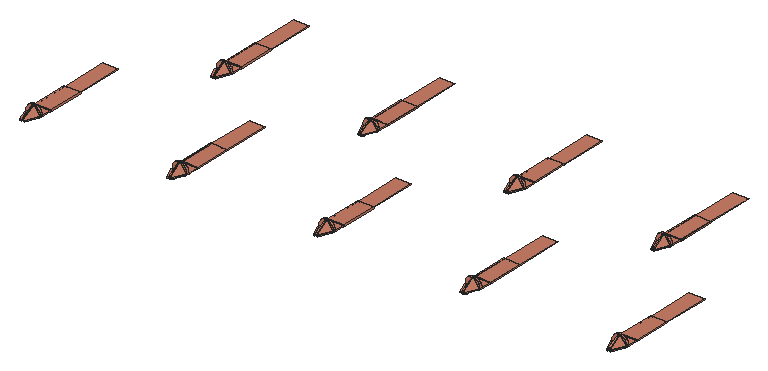
Revit family "Construction_Roof-Accessories_Alpine-SnowGuards_PD11", category Specialty Equipment, host Face, Revit 2019
Family settings
  Host = Face
  Round Connector Dimension = Use Diameter
  Part Type = Normal
  OmniClass Number = 23.35.20.31.27.14
  OmniClass Title = Snow Guards
  Cut with Voids When Loaded = No
  Shared = No
  Room Calculation Point = No
Parameters (values of type "2x2 Pattern – Two Row")
  z_Option3 = Row Options : Three Rows
  z_Option2 = Row Options : Two Rows
  z_Option1 = Row Options : One Row
  Z_Vertical Spacing = if(Vertical Spacing = 0", 12", Vertical Spacing)  # 24"
  Z_Three Rows [instance] = and((Length > 2 * Z_Horizontal Spacing), Number of Rows = z_Option3)  # no
  Z_Three Row Second Pad [instance] = and(not(or(Z_Three Rows, Z_Two Rows, Z_Custom Row, Number of Rows = z_Option2, Z_CR)), Z_Length > Z_Horizontal Spacing)  # no
  Z_Three Row First Pad [instance] = not(or(Z_Three Rows, Z_Two Rows, Z_Custom Row, Number of Rows = z_Option2, Z_CR))  # no
  Z_Second Row Number [instance] = Z_Number of Pads Control - 1  # 4
  Z_Two Row First Pad [instance] = and(not(or(Z_Three Rows, Z_Two Rows, Z_Custom Row, Z_CR)), or(Z_Length = Z_Horizontal Spacing / 2, Z_Length > Z_Horizontal Spacing / 2))  # no
  Z_Second Row [instance] = Z_Horizontal Spacing / 2  # 12"
  Z_Length [instance] = if(Length < Z_Horizontal Spacing / 2, Z_Horizontal Spacing / 2, Length)  # 100"
  Z_Horizontal Spacing = if(Horizontal Spacing = 0", 24", Horizontal Spacing)  # 24"
  Z_Distance between Pads [instance] = Length / (Z_Number of Pads Control - 1)  # 25"
  Z_Custom Row Second Pad [instance] = and(not(or(Z_Three Rows, Z_Two Rows, Z_Custom Row)), Z_Length > Z_Horizontal Spacing)  # no
  Z_Custom Row First Pad [instance] = not(or(Z_Three Rows, Z_Two Rows))  # no
  Z_Custom Row [instance] = and((Length > 2 * Z_Horizontal Spacing), or(Number of Rows = z_Option1, Number of Rows = z_Option2, Number of Rows = z_Option3))  # yes
  Z_CR = no
  Vertical Spacing = 24"
  URL = "https://www.alpinesnowguards.com/model/pd11?utm_source=bimobject&utm_medium=productlisting&utm_campaign=2022marketing"
  Z_Two Rows [instance] = and((Length > 2 * Z_Horizontal Spacing), or(Number of Rows = z_Option2, Number of Rows = z_Option3))  # yes
  Surface Offset [instance] = 0"
  Strap Length [instance] = 15 5/8"
  Standard Layouts [instance] = "Standard layouts are shown. Custom layouts are available, please contact Alpine Snow Guard to discuss."  # constant formula
  Snow Guard Count [instance] = if(and(Number of Rows = z_Option1, and(Length > 24", Length < 49")), 2, if(and(Number of Rows = z_Option1, or(Length = 0", Length < 25")), 1, if(and(Number of Rows = z_Option2, or(Length = 0", Length < 25")), 2, if(and(Number of Rows = z_Option3, and(Length > 24", Length < 49")), 5, if(Z_Three Rows, 2 * Z_Number of Pads Control + Z_Second Row Number, if(Z_Two Rows, Z_Number of Pads Control + Z_Second Row Number, Z_Number of Pads Control))))))  # 9
  Product data url = "https://www.bimobject.com/en-us/alpine-snowguards/product/pd11_retrofit_half_round_pad_style_snow_guard"
  Product Material = Alpine SnowGuards - Copper - Mill Finish
  Product Guid = "3c6fd8e8-2d27-4d29-b17f-8f7a7483bfb2"
  Z_Number of Pads Control [instance] = if((Z_Length / Z_Horizontal Spacing + 1) < 3, 3, rounddown(Z_Length / Z_Horizontal Spacing + 1))  # 5
  Number of Rows = Row Options : Two Rows
  Length Note [instance] = "To show a single SnowGuard in the Row, please set Length to 0"  # constant formula
  Model = if(PD 110F, "PD 110F", "PD 11")  # "PD 11"
  Manufacturer = "Alpine SnowGuards"  # constant formula
  PD 110F = no
  Length [instance] = 100"
  Keynote = "07720"
  IMPORTANT [instance] = "All layouts begin with a 3-row pattern."  # constant formula
  Horizontal Spacing = 24"
  Edition number = 1
  Description = "PD11 Retrofit Half Round Pad Style Snow Guard"  # constant formula
  Default Elevation = 48"
  Assembly Code = "B3010"
Types (6): name | Z_Vertical Spacing | Z_Three Rows | Z_Second Row Number | Z_Second Row | Z_Horizontal Spacing | Z_Distance between Pads | Z_Custom Row First Pad | Z_CR | Vertical Spacing | Z_Two Rows | Snow Guard Count | Z_Number of Pads Control | Number of Rows | Horizontal Spacing
  (no name) | 24" | no | 4 | 12" | 24" | 25" | no | no | 24" | yes | 9 | 5 | Row Options : Two Rows | 24"
  3-Row Pattern | 12" | yes | 4 | 12" | 24" | 25" | no | no | 12" | yes | 14 | 5 | Row Options : Three Rows | 24"
  2x4 Pattern – Two Row | 24" | no | 2 | 24" | 48" | 50" | no | no | 24" | yes | 5 | 3 | Row Options : Two Rows | 48"
  2x3 Pattern – Two Row | 24" | no | 2 | 18" | 36" | 50" | no | no | 24" | yes | 5 | 3 | Row Options : Two Rows | 36"
  2x2 Pattern – Two Row | 24" | no | 4 | 12" | 24" | 25" | no | no | 24" | yes | 9 | 5 | Row Options : Two Rows | 24"
  Custom – Single Row | 12" | no | 4 | 12" | 24" | 25" | yes | yes | 0" | no | 5 | 5 | Row Options : One Row | 24"
Reference planes (in)
  plane 1 "Center (Front/Back)": y = 0
  plane 2: z = 0
  plane 3 "Center (Left/Right)": x = 0
  plane 4: x = 100
  plane 5: y = 24
  plane 6: y = 48
  plane 7: x = 12
  plane 8: x = 24
  plane 9: x = 36
Dimensions and locks (in)
  "Z_Length": plane 3 "Center (Left/Right)" to plane 4
  "Z_Vertical Spacing": plane 1 "Center (Front/Back)" to plane 5
  "Z_Vertical Spacing": plane 6 to plane 5
  "Z_Horizontal Spacing": plane 3 "Center (Left/Right)" to plane 8
  equal spacing: group 1, group 2, group 3, group 9, group 10  (x3)
  equal spacing: group 4, group 5, group 6, group 11, group 12  (x3)
  "Z_Horizontal Spacing": plane 7 to plane 9
  equal spacing: group 7, group 8, group 13, group 14  (x3)
  equal spacing: plane 3 "Center (Left/Right)", plane 7, plane 8
  aligned and locked: host face to plane 2
  aligned and locked: host face to level
  aligned and locked: plane 1 "Center (Front/Back)" to nested 1
  aligned and locked: plane 3 "Center (Left/Right)" to nested 1
  aligned and locked: plane 7 to nested 2
  aligned and locked: nested 2 to plane 5
  aligned and locked: plane 3 "Center (Left/Right)" to nested 3
  aligned and locked: nested 3 to plane 6
  aligned and locked: plane 8 to nested 4
  aligned and locked: plane 8 to nested 6
  aligned and locked: plane 9 to nested 8
  aligned and locked: nested 6 to plane 6
  aligned and locked: nested 8 to plane 5
  aligned and locked: plane 1 "Center (Front/Back)" to nested 9
  aligned and locked: plane 1 "Center (Front/Back)" to nested 10
  aligned and locked: nested 11 to plane 5
  aligned and locked: nested 12 to plane 6
  aligned and locked: nested 13 to plane 6
  aligned and locked: plane 3 "Center (Left/Right)" to nested 9
  aligned and locked: plane 7 to nested 11
  aligned and locked: plane 8 to nested 10
  aligned and locked: plane 3 "Center (Left/Right)" to nested 12
  aligned and locked: plane 8 to nested 13
Automatic sketch dimensions
  host sketch curve to host sketch curve = 167.34463"
  host sketch curve to host sketch curve = 121.14631"
Nested families (in)
  nested 1: "Construction_Roof-Accessories_Alpine-SnowGuards_Pad-PD11" at (0, 0, 0), Product Material <- "Product Material", F <- "PD 110F", visible <- "Z_Custom Row", Surface Offset <- "Surface Offset", Strap Length <- "Strap Length", type "Construction_Roof-Accessories_Alpine-SnowGuards_Pad-PD11"
    with Z_Strap Length 15 5/8", Surface Offset 0", Strap Length 15 5/8", Product Material Alpine SnowGuards - Copper - Mill Finish, F no
  nested 2: "Construction_Roof-Accessories_Alpine-SnowGuards_Pad-PD11" at (12, 24, 0), Product Material <- "Product Material", F <- "PD 110F", visible <- "Z_Two Rows", Surface Offset <- "Surface Offset", Strap Length <- "Strap Length", type "Construction_Roof-Accessories_Alpine-SnowGuards_Pad-PD11"
    with Z_Strap Length 15 5/8", Surface Offset 0", Strap Length 15 5/8", Product Material Alpine SnowGuards - Copper - Mill Finish, F no
  nested 3: "Construction_Roof-Accessories_Alpine-SnowGuards_Pad-PD11" at (0, 48, 0), Product Material <- "Product Material", F <- "PD 110F", visible <- "Z_Three Rows", Strap Length <- "Strap Length", Surface Offset <- "Surface Offset", type "Construction_Roof-Accessories_Alpine-SnowGuards_Pad-PD11"
    with Z_Strap Length 15 5/8", Surface Offset 0", Strap Length 15 5/8", Product Material Alpine SnowGuards - Copper - Mill Finish, F no
  nested 4: "Construction_Roof-Accessories_Alpine-SnowGuards_Pad-PD11" at (24, 0, 0), Product Material <- "Product Material", F <- "PD 110F", visible <- "Z_Custom Row", Surface Offset <- "Surface Offset", Strap Length <- "Strap Length", type "Construction_Roof-Accessories_Alpine-SnowGuards_Pad-PD11"
    with Z_Strap Length 15 5/8", Surface Offset 0", Strap Length 15 5/8", Product Material Alpine SnowGuards - Copper - Mill Finish, F no
  nested 5: "Construction_Roof-Accessories_Alpine-SnowGuards_Pad-PD11" at (48, 0, 0), Product Material <- "Product Material", F <- "PD 110F", visible <- "Z_Custom Row", Surface Offset <- "Surface Offset", Strap Length <- "Strap Length", type "Construction_Roof-Accessories_Alpine-SnowGuards_Pad-PD11"
    with Z_Strap Length 15 5/8", Surface Offset 0", Strap Length 15 5/8", Product Material Alpine SnowGuards - Copper - Mill Finish, F no
  nested 6: "Construction_Roof-Accessories_Alpine-SnowGuards_Pad-PD11" at (24, 48, 0), Product Material <- "Product Material", F <- "PD 110F", visible <- "Z_Three Rows", Strap Length <- "Strap Length", Surface Offset <- "Surface Offset", type "Construction_Roof-Accessories_Alpine-SnowGuards_Pad-PD11"
    with Z_Strap Length 15 5/8", Surface Offset 0", Strap Length 15 5/8", Product Material Alpine SnowGuards - Copper - Mill Finish, F no
  nested 7: "Construction_Roof-Accessories_Alpine-SnowGuards_Pad-PD11" at (48, 48, 0), Product Material <- "Product Material", F <- "PD 110F", visible <- "Z_Three Rows", Strap Length <- "Strap Length", Surface Offset <- "Surface Offset", type "Construction_Roof-Accessories_Alpine-SnowGuards_Pad-PD11"
    with Z_Strap Length 15 5/8", Surface Offset 0", Strap Length 15 5/8", Product Material Alpine SnowGuards - Copper - Mill Finish, F no
  nested 8: "Construction_Roof-Accessories_Alpine-SnowGuards_Pad-PD11" at (36, 24, 0), Product Material <- "Product Material", F <- "PD 110F", visible <- "Z_Two Rows", Surface Offset <- "Surface Offset", Strap Length <- "Strap Length", type "Construction_Roof-Accessories_Alpine-SnowGuards_Pad-PD11"
    with Z_Strap Length 15 5/8", Surface Offset 0", Strap Length 15 5/8", Product Material Alpine SnowGuards - Copper - Mill Finish, F no
  nested 9: "Construction_Roof-Accessories_Alpine-SnowGuards_Pad-PD11" at (0, 0, 0), F <- "PD 110F", Surface Offset <- "Surface Offset", Strap Length <- "Strap Length", Product Material <- "Product Material", visible <- "Z_Custom Row First Pad", type "Construction_Roof-Accessories_Alpine-SnowGuards_Pad-PD11"
    with Z_Strap Length 15 5/8", Surface Offset 0", Strap Length 15 5/8", Product Material Alpine SnowGuards - Copper - Mill Finish, F no
  nested 10: "Construction_Roof-Accessories_Alpine-SnowGuards_Pad-PD11" at (24, 0, 0), F <- "PD 110F", Surface Offset <- "Surface Offset", Strap Length <- "Strap Length", Product Material <- "Product Material", visible <- "Z_Custom Row Second Pad", type "Construction_Roof-Accessories_Alpine-SnowGuards_Pad-PD11"
    with Z_Strap Length 15 5/8", Surface Offset 0", Strap Length 15 5/8", Product Material Alpine SnowGuards - Copper - Mill Finish, F no
  nested 11: "Construction_Roof-Accessories_Alpine-SnowGuards_Pad-PD11" at (12, 24, 0), Product Material <- "Product Material", Strap Length <- "Strap Length", Surface Offset <- "Surface Offset", F <- "PD 110F", visible <- "Z_Two Row First Pad", type "Construction_Roof-Accessories_Alpine-SnowGuards_Pad-PD11"
    with Z_Strap Length 15 5/8", Surface Offset 0", Strap Length 15 5/8", Product Material Alpine SnowGuards - Copper - Mill Finish, F no
  nested 12: "Construction_Roof-Accessories_Alpine-SnowGuards_Pad-PD11" at (0, 48, 0), Product Material <- "Product Material", Strap Length <- "Strap Length", Surface Offset <- "Surface Offset", F <- "PD 110F", visible <- "Z_Three Row First Pad", type "Construction_Roof-Accessories_Alpine-SnowGuards_Pad-PD11"
    with Z_Strap Length 15 5/8", Surface Offset 0", Strap Length 15 5/8", Product Material Alpine SnowGuards - Copper - Mill Finish, F no
  nested 13: "Construction_Roof-Accessories_Alpine-SnowGuards_Pad-PD11" at (24, 48, 0), Product Material <- "Product Material", Strap Length <- "Strap Length", Surface Offset <- "Surface Offset", F <- "PD 110F", visible <- "Z_Three Row Second Pad", type "Construction_Roof-Accessories_Alpine-SnowGuards_Pad-PD11"
    with Z_Strap Length 15 5/8", Surface Offset 0", Strap Length 15 5/8", Product Material Alpine SnowGuards - Copper - Mill Finish, F no
  nested 14: "Construction_Roof-Accessories_Alpine-SnowGuards_Pad-PD11" at (72, 0, 0), Product Material <- "Product Material", F <- "PD 110F", visible <- "Z_Custom Row", Surface Offset <- "Surface Offset", Strap Length <- "Strap Length", type "Construction_Roof-Accessories_Alpine-SnowGuards_Pad-PD11"
    with Z_Strap Length 15 5/8", Surface Offset 0", Strap Length 15 5/8", Product Material Alpine SnowGuards - Copper - Mill Finish, F no
  nested 15: "Construction_Roof-Accessories_Alpine-SnowGuards_Pad-PD11" at (96, 0, 0), Product Material <- "Product Material", F <- "PD 110F", visible <- "Z_Custom Row", Surface Offset <- "Surface Offset", Strap Length <- "Strap Length", type "Construction_Roof-Accessories_Alpine-SnowGuards_Pad-PD11"
    with Z_Strap Length 15 5/8", Surface Offset 0", Strap Length 15 5/8", Product Material Alpine SnowGuards - Copper - Mill Finish, F no
  nested 16: "Construction_Roof-Accessories_Alpine-SnowGuards_Pad-PD11" at (72, 48, 0), Product Material <- "Product Material", F <- "PD 110F", visible <- "Z_Three Rows", Strap Length <- "Strap Length", Surface Offset <- "Surface Offset", type "Construction_Roof-Accessories_Alpine-SnowGuards_Pad-PD11"
    with Z_Strap Length 15 5/8", Surface Offset 0", Strap Length 15 5/8", Product Material Alpine SnowGuards - Copper - Mill Finish, F no
  nested 17: "Construction_Roof-Accessories_Alpine-SnowGuards_Pad-PD11" at (96, 48, 0), Product Material <- "Product Material", F <- "PD 110F", visible <- "Z_Three Rows", Strap Length <- "Strap Length", Surface Offset <- "Surface Offset", type "Construction_Roof-Accessories_Alpine-SnowGuards_Pad-PD11"
    with Z_Strap Length 15 5/8", Surface Offset 0", Strap Length 15 5/8", Product Material Alpine SnowGuards - Copper - Mill Finish, F no
  nested 18: "Construction_Roof-Accessories_Alpine-SnowGuards_Pad-PD11" at (60, 24, 0), Product Material <- "Product Material", F <- "PD 110F", visible <- "Z_Two Rows", Surface Offset <- "Surface Offset", Strap Length <- "Strap Length", type "Construction_Roof-Accessories_Alpine-SnowGuards_Pad-PD11"
    with Z_Strap Length 15 5/8", Surface Offset 0", Strap Length 15 5/8", Product Material Alpine SnowGuards - Copper - Mill Finish, F no
  nested 19: "Construction_Roof-Accessories_Alpine-SnowGuards_Pad-PD11" at (84, 24, 0), Product Material <- "Product Material", F <- "PD 110F", visible <- "Z_Two Rows", Surface Offset <- "Surface Offset", Strap Length <- "Strap Length", type "Construction_Roof-Accessories_Alpine-SnowGuards_Pad-PD11"
    with Z_Strap Length 15 5/8", Surface Offset 0", Strap Length 15 5/8", Product Material Alpine SnowGuards - Copper - Mill Finish, F no
Definition of nested family "Construction_Roof-Accessories_Alpine-SnowGuards_Pad-PD11"
  Parameters (values of type "Construction_Roof-Accessories_Alpine-SnowGuards_Pad-PD10R")
    Z_Strap Length [instance] = if(Strap Length < 8", 8", Strap Length)  # 15"
    Surface Offset [instance] = 0"
    Strap Length [instance] = 15"
    Product Material [instance] = none
    F [instance] = yes
  Reference planes (in)
    plane 1 "Center (Front/Back)": y = 0
    plane 2: z = 0
    plane 3 "Center (Left/Right)": x = 0
    plane 4: y = -2.375
    plane 5: z = 1.5
    plane 6: x = -1.25
    plane 7: x = 1.25
    plane 8: z = 2.6875
    plane 9: y = 15
    plane 10: z = 0.10624
    plane 11: z = 0
  Forms (in)
    Extrusion 1, solid, material <- "Product Material", detail levels fine
      sketch origin (0, 0, 0.03424) x (1, 0, 0) y (0, 0, 1)
        loop
          line (1.25, -0.03424) -> (1.25, 0.2105)
          arc (1.25, 0.2105) -> (0, 1.4605) -> (-1.25, 0.2105) r 1.25
          line (-1.25, 0.2105) -> (-1.25, -0.03424) -> (1.25, -0.03424)
      from 0 to 0.1978
    Sweep 2, solid, material <- "Product Material", detail levels fine
      path origin (1.2331, 0.04673, 0.03865) x (0.999641, 0.026785, -0.001071) y (-0.026787, 0.99964, -0.001779)
        loop
          line (-2.05752, 0.18662) -> (-1.07653, -2.30301)
      profile origin (-0.30501, -1.05306, 0.04221) x (0.920225, 0.391387, -0.001649) y (0.001023, 0.001807, 0.999998)
        loop
          line (-0.41438, -0.03769) -> (-0.37639, -0.03494) -> (0.58935, 1.35985) -> (0.55134, 1.35706) -> (-0.41438, -0.03769)
    Extrusion 3, void
      sketch origin (0, 0, 0.03424) x (0, 1, 0) y (0, 0, 1)
        loop
          line (-0.15101, 1.42347) -> (-0.15101, 1.59635) -> (-2.55379, 1.59635) -> (-2.55379, -0.1778) -> (0.46654, -0.1778) -> (0.46654, 1.37647) -> (-0.1978, 1.37647) -> (-0.1978, 0.072) -> (-2.40838, 0.072) -> (-0.15101, 1.42347)
      from -2.2317 to 1.92901
    Sweep 4, solid, material <- "Product Material", detail levels fine
      path origin (-1.2331, 0.04673, 0.03865) x (-0.999641, 0.026785, -0.001071) y (-0.026787, -0.99964, 0.001779)
        loop
          line (-2.05752, -0.18662) -> (-1.07653, 2.30301)
      profile origin (0.30501, -1.05306, 0.04221) x (0.920225, -0.391387, 0.001649) y (-0.001023, 0.001807, 0.999998)
        loop
          line (0.41438, -0.03769) -> (-0.55134, 1.35706) -> (-0.58935, 1.35985) -> (0.37639, -0.03494) -> (0.41438, -0.03769)
    Extrusion 5, solid, material <- "Product Material", detail levels fine
      sketch origin (0, -0.23657, 1.40648) x (0, -0.857988, -0.51367) y (1, 0, 0)
        loop
          line (2.53128, -0.10391) -> (2.53128, 0.10391) -> (-0.04787, 0.04282) -> (-0.04787, -0.04282) -> (2.53128, -0.10391)
      from 0 to 0.02578
    Sweep 6, void
      path origin (0, 0, 0.03424) x (1, 0, 0) y (0, 0, 1)
        loop
          line (-1.26245, -0.03424) -> (-1.26245, 0.2105)
          arc (-1.26245, 0.2105) -> (0, 1.47295) -> (1.26245, 0.2105) r 1.26245
          line (1.26245, 0.2105) -> (1.26245, -0.03424)
      profile origin (-1.26245, 0, 0.12237) x (-1, 0, 0) y (0, -1, 0)
        loop
          line (-0.00526, -0.02577) -> (-0.00526, 0.1978) -> (-0.06762, 0.1978) -> (-0.00526, -0.02577)
    Extrusion 7, void
      sketch origin (0, 0, 0) x (0, 1, 0) y (0, 0, 1)
        loop
          line (-2.375, 0.26156) -> (-2.625, 0.26156) -> (-2.625, -0.08571) -> (-2.375, -0.08571) -> (-2.375, 0.26156)
      from -0.20134 to 0.28095
    Extrusion 8, solid, material <- "Product Material", detail levels fine
      sketch origin (0, 0, 0) x (1, 0, 0) y (0, 1, 0)
        loop
          line (-1.20009, -0.1978) -> (-1.20009, -0.44408) -> (-0.38047, -2.375) -> (-0.11807, -2.375) -> (-1.04182, -0.1978) -> (-1.20009, -0.1978)
        loop
          line (1.20009, -0.1978) -> (1.04182, -0.1978) -> (0.11807, -2.375) -> (0.38047, -2.375) -> (1.20009, -0.44408) -> (1.20009, -0.1978)
      from 0 to 0.10624
    Extrusion 9, solid, material <- "Product Material", detail levels coarse+medium
      sketch origin (0, 0, 0) x (1, 0, 0) y (0, 0, 1)
        loop
          line (-1.25, 0) -> (1.25, 0) -> (1.25, 0.24474)
          arc (1.25, 0.24474) -> (0, 1.49474) -> (-1.25, 0.24474) r 1.25
          line (-1.25, 0.24474) -> (-1.25, 0)
      from 0 to 2.375
    Extrusion 10, solid, material <- "Product Material", visible <- "F", detail levels fine
      sketch origin (0, 0, 0) x (1, 0, 0) y (0, 0, 1)
        loop
          arc (-1.24367, 0.11913) -> (0, 1.49474) -> (1.24367, 0.11913) r 1.25
          line (1.24367, 0.11913) -> (1.49571, 0.11913) -> (1.49571, 0.24095)
          arc (1.49571, 0.24095) -> (1.65445, 0.44682) -> (1.89391, 0.34565) r 0.21286
          arc (1.89391, 0.34565) -> (1.9182, 0.33046) -> (1.94415, 0.34257) r 0.03
          arc (1.94415, 0.34257) -> (2.09853, 0.65809) -> (2.13082, 1.00787) r 0.97307
          arc (2.13082, 1.00787) -> (1.56654, 1.72665) -> (0.65273, 1.72878) r 1.04729
          arc (0.65273, 1.72878) -> (0.66656, 2.06986) -> (0.4432, 2.32801) r 0.46375
          arc (0.4432, 2.32801) -> (0.22443, 2.50806) -> (0.02246, 2.70678) r 3.19618
          arc (0.02246, 2.70678) -> (0.00781, 2.71316) -> (-0.00683, 2.70678) r 0.02
          arc (-0.00683, 2.70678) -> (-0.20217, 2.51405) -> (-0.41331, 2.33878) r 3.19618
          arc (-0.41331, 2.33878) -> (-0.65454, 2.0814) -> (-0.64492, 1.72878) r 0.46375
          arc (-0.64492, 1.72878) -> (-1.55873, 1.72665) -> (-2.123, 1.00787) r 1.04729
          arc (-2.123, 1.00787) -> (-2.09072, 0.65809) -> (-1.93634, 0.34257) r 0.97307
          arc (-1.93634, 0.34257) -> (-1.91039, 0.33046) -> (-1.8861, 0.34565) r 0.03
          arc (-1.8861, 0.34565) -> (-1.64664, 0.44682) -> (-1.4879, 0.24095) r 0.21286
          line (-1.4879, 0.24095) -> (-1.4879, 0.11913) -> (-1.24367, 0.11913)
      from 0 to -0.01759
    Extrusion 11, solid, material <- "Product Material", visible <- "F", detail levels coarse+medium
      sketch origin (0, 0, 0) x (1, 0, 0) y (0, 0, 1)
        loop
          line (-2.123, 0.11913) -> (2.13082, 0.11913) -> (2.13082, 0.5916)
          arc (2.13082, 0.5916) -> (0.00391, 2.7185) -> (-2.123, 0.5916) r 2.12691
          line (-2.123, 0.5916) -> (-2.123, 0.11913)
      from 0 to -0.01759
    Extrusion 12, solid, material <- "Product Material"
      sketch origin (0, 0, 0) x (1, 0, 0) y (0, 1, 0)
        loop
          line (-1.25, 15) -> (-1.25, 7.8125) -> (1.25, 7.8125) -> (1.25, 15) -> (-1.25, 15)
      from 0 to 0.10624
    Sweep 13, solid, material <- "Product Material"
      path origin (0, 0, 0) x (1, 0, 0) y (0, 0, 1)
        loop
          line (-1.25, 0) -> (-1.25, 0.10624) -> (1.25, 0.10624) -> (1.25, 0)
      profile origin (0, 0, 0.10624) x (0, 0, 1) y (0, -1, 0)
        loop
          line (0, -7.8125) -> (0.08126, -7.8125) -> (0.08126, -1.8125) -> (0, -1.8125) -> (0, -7.8125)
    Extrusion 14, solid, material <- "Product Material"
      sketch origin (0, 0, 0) x (1, 0, 0) y (0, 1, 0)
        loop
          line (-1.25, 7.8125) -> (-1.25, 0) -> (1.25, 0) -> (1.25, 7.8125) -> (-1.25, 7.8125)
      from 0 to 0.10624
  Cuts and joins
    Extrusion 3, Extrusion 7 cuts Sweep 2
    Extrusion 3, Extrusion 7 cuts Sweep 4
    Extrusion 7 cuts Extrusion 5
    Sweep 6 cuts Extrusion 1
  Dimensions and locks (in)
    locked: plane 4 to plane 1 "Center (Front/Back)" at 2.375
    locked: plane 5 to plane 2 at 1.5
    plane 7 to plane 6 = 2 1/2"
    equal spacing: plane 6, plane 3 "Center (Left/Right)", plane 7
    locked: plane 6 to plane 7 at 2.5
    locked: plane 8 to level at 2.6875
    "Z_Strap Length": plane 9 to plane 1 "Center (Front/Back)"
    locked: Sweep 13 sketch curve to Sweep 13 sketch curve at 6
    locked: Sweep 13 sketch curve to level at 0.1875
    locked: plane 1 "Center (Front/Back)" to Extrusion 12 sketch curve at 7.8125
    locked: plane 1 "Center (Front/Back)" to Extrusion 14 sketch curve at 7.8125
    locked: plane 10 to plane 11 at 0.10624
    "Surface Offset": level to plane 11
    aligned and locked: level to plane 2
    aligned and locked: plane 7 to Extrusion 12 sketch curve
    aligned and locked: plane 6 to Extrusion 12 sketch curve
    aligned and locked: plane 9 to Extrusion 12 sketch curve
    aligned and locked: plane 6 to Sweep 13 sketch curve
    aligned and locked: level to Sweep 13 sketch curve  (x2)
    aligned and locked: plane 7 to Sweep 13 sketch curve
    aligned and locked: Extrusion 14 sketch curve to plane 1 "Center (Front/Back)"
    aligned and locked: plane 7 to Extrusion 14 sketch curve
    aligned and locked: plane 6 to Extrusion 14 sketch curve
    aligned and locked: Extrusion 12 to plane 11
    aligned and locked: Extrusion 12 to plane 10
  Automatic sketch dimensions
    Extrusion 1 sketch curve to level = 0"
    Extrusion 1 sketch curve to plane 6 = 0"
    Extrusion 1 sketch curve to plane 3 "Center (Left/Right)" = 0"
    level to Extrusion 1 sketch curve = 0.24474"
    Sweep 2 sketch curve to Sweep 2 sketch curve = 0.98099"
    Sweep 2 sketch curve to Sweep 2 sketch curve = 2.48963"
    Sweep 2 sketch curve to profile plane = 0.03769"
    profile plane to Sweep 2 sketch curve = 0.41438"
    Sweep 2 sketch curve to profile plane = 0.03494"
    Sweep 2 sketch curve to Sweep 2 sketch curve = 0.03799"
    Sweep 2 sketch curve to profile plane = 0.55134"
    Sweep 2 sketch curve to Sweep 2 sketch curve = 0.03801"
    profile plane to Sweep 2 sketch curve = 1.35706"
    Sweep 2 sketch curve to Sweep 2 sketch curve = 0.00279"
    Extrusion 3 sketch curve to plane 4 = 0.17879"
    Extrusion 3 sketch curve to plane 4 = 0.03338"
    Extrusion 3 sketch curve to plane 5 = 0.08929"
    plane 1 "Center (Front/Back)" to Extrusion 3 sketch curve = 0.1978"
    plane 1 "Center (Front/Back)" to Extrusion 3 sketch curve = 0.15101"
    Extrusion 3 sketch curve to level = 0.14356"
    Extrusion 3 sketch curve to plane 1 "Center (Front/Back)" = 0.46654"
    level to Extrusion 3 sketch curve = 0.10624"
    Extrusion 3 sketch curve to plane 5 = 0.04229"
    plane 5 to Extrusion 3 sketch curve = 0.13059"
    Sweep 4 sketch curve to Sweep 4 sketch curve = 0.98099"
    Sweep 4 sketch curve to Sweep 4 sketch curve = 2.48963"
    profile plane to Sweep 4 sketch curve = 0.58935"
    Sweep 4 sketch curve to Sweep 4 sketch curve = 0.03801"
    Sweep 4 sketch curve to profile plane = 0.03494"
    Sweep 4 sketch curve to profile plane = 0.37639"
    Sweep 4 sketch curve to profile plane = 0.03769"
    Sweep 4 sketch curve to Sweep 4 sketch curve = 0.03799"
    profile plane to Sweep 4 sketch curve = 1.35706"
    Sweep 4 sketch curve to Sweep 4 sketch curve = 0.00279"
    Extrusion 5 sketch curve to plane 3 "Center (Left/Right)" = 0.04282"
    plane 3 "Center (Left/Right)" to Extrusion 5 sketch curve = 0.10391"
    Extrusion 5 sketch curve to Extrusion 5 sketch curve = 2.57915"
    Extrusion 5 sketch curve to plane 3 "Center (Left/Right)" = 0.10391"
    plane 3 "Center (Left/Right)" to Extrusion 5 sketch curve = 0.04282"
    Sweep 6 sketch curve to level = 0"  (x2)
    Sweep 6 sketch curve to plane 3 "Center (Left/Right)" = 0"
    Sweep 6 sketch curve to plane 6 = 0.01245"
    level to Sweep 6 sketch curve = 0.24474"
    profile plane to Sweep 6 sketch curve = 0.06762"
    profile plane to Sweep 6 sketch curve = 0.00526"
    Sweep 6 sketch curve to profile plane = 0.02577"
    profile plane to Sweep 6 sketch curve = 0.1978"
    Extrusion 7 sketch curve to plane 4 = 0"
    Extrusion 7 sketch curve to level = 0.08571"
    Extrusion 7 sketch curve to plane 4 = 1/4"
    level to Extrusion 7 sketch curve = 0.26156"
    Extrusion 8 sketch curve to plane 4 = 0"  (x2)
    plane 6 to Extrusion 8 sketch curve = 0.04991"
    Extrusion 8 sketch curve to Extrusion 8 sketch curve = 0.15827"
    Extrusion 8 sketch curve to plane 3 "Center (Left/Right)" = 0.38047"
    Extrusion 8 sketch curve to plane 3 "Center (Left/Right)" = 0.11807"
    plane 3 "Center (Left/Right)" to Extrusion 8 sketch curve = 0.11807"
    Extrusion 8 sketch curve to Extrusion 8 sketch curve = 0.2624"
    plane 7 to Extrusion 8 sketch curve = 0.20818"
    plane 7 to Extrusion 8 sketch curve = 0.04991"
    plane 1 "Center (Front/Back)" to Extrusion 8 sketch curve = 0.44408"  (x2)
    plane 1 "Center (Front/Back)" to Extrusion 8 sketch curve = 0.1978"  (x2)
    Extrusion 9 sketch curve to plane 6 = 0"
    Extrusion 9 sketch curve to plane 3 "Center (Left/Right)" = 0"
    Extrusion 9 sketch curve to level = 0"
    level to Extrusion 9 sketch curve = 0.24474"
    Extrusion 10 sketch curve to plane 3 "Center (Left/Right)" = 0"
    Extrusion 10 sketch curve to plane 3 "Center (Left/Right)" = 0.22099"
    plane 6 to Extrusion 10 sketch curve = 0.15038"
    plane 6 to Extrusion 10 sketch curve = 0.09618"
    plane 6 to Extrusion 10 sketch curve = 0.00633"
    level to Extrusion 10 sketch curve = 0.11913"
    Extrusion 10 sketch curve to plane 6 = 0.2379"
    Extrusion 10 sketch curve to Extrusion 10 sketch curve = 0.21286"  (x2)
    Extrusion 10 sketch curve to Extrusion 10 sketch curve = 0.21146"  (x2)
    Extrusion 10 sketch curve to plane 6 = 1.09726"
    plane 3 "Center (Left/Right)" to Extrusion 10 sketch curve = 1/128"
    plane 3 "Center (Left/Right)" to Extrusion 10 sketch curve = 0.2288"
    plane 7 to Extrusion 10 sketch curve = 0.14256"
    plane 7 to Extrusion 10 sketch curve = 0.08836"
    plane 7 to Extrusion 10 sketch curve = 0.00633"
    Extrusion 10 sketch curve to plane 7 = 0.24571"
    Extrusion 10 sketch curve to plane 7 = 1.11289"
    Extrusion 10 sketch curve to Extrusion 10 sketch curve = 0.12183"  (x2)
    level to Extrusion 10 sketch curve = 0.24474"
    Extrusion 10 sketch curve to Extrusion 10 sketch curve = 0.11945"  (x2)
    Extrusion 10 sketch curve to Extrusion 10 sketch curve = 0.54439"  (x2)
    Extrusion 10 sketch curve to Extrusion 10 sketch curve = 0.13561"  (x2)
    plane 5 to Extrusion 10 sketch curve = 0.41679"  (x2)
    Extrusion 10 sketch curve to Extrusion 10 sketch curve = 0.77637"
    Extrusion 10 sketch curve to Extrusion 10 sketch curve = 2.19031"  (x2)
    Extrusion 10 sketch curve to plane 3 "Center (Left/Right)" = 0.00683"
    Extrusion 10 sketch curve to Extrusion 10 sketch curve = 0"  (x6)
    Extrusion 10 sketch curve to plane 3 "Center (Left/Right)" = 0.41331"
    plane 5 to Extrusion 10 sketch curve = 0.22878"  (x2)
    plane 3 "Center (Left/Right)" to Extrusion 10 sketch curve = 0.4432"
    level to Extrusion 11 sketch curve = 0.11913"
    Extrusion 11 sketch curve to plane 6 = 0.873"
    plane 3 "Center (Left/Right)" to Extrusion 11 sketch curve = 1/256"
    Extrusion 11 sketch curve to Extrusion 11 sketch curve = 0.47247"
    level to Sweep 13 sketch curve = 0.10624"
    profile plane to Sweep 13 sketch curve = 0"
    Sweep 13 sketch curve to plane 1 "Center (Front/Back)" = 7 13/16"
